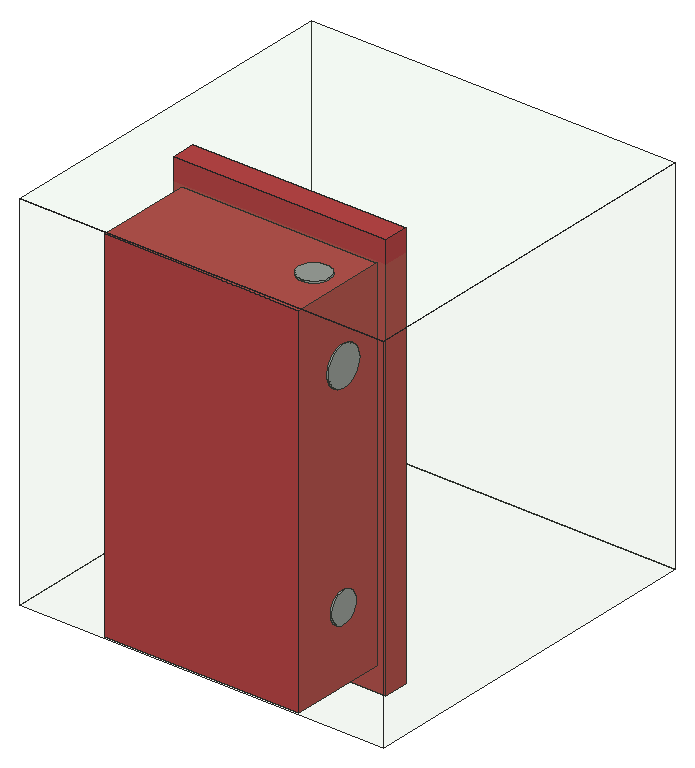
Revit family "ZETA_Коробка_Клемная_КЗНА_16_IP43", category Электрические приборы, Revit 2021
Family settings
  Сохранять ориентацию аннотаций = Нет
  Размер круглого соединителя = Использовать диаметр
  Тип детали = Нормальный
  На основе рабочей плоскости = Да
  Всегда вертикально = Нет
  При загрузке вырезать с полостями = Нет
  Общий = Нет
  Точка принадлежности помещению = Да
Parameters (values of type "КЗНА_16")
  УГО_Ширина = 10 mm
  УГО_Смещение_Х [instance] = 0 mm
  УГО_Смещение_Y [instance] = 0 mm
  УГО_Высота = 5 mm
  Температура эксплуатации = "от -40°С до +60°С"
  Сечение жил до = "4мм2"
  Сертификат = "RU C-RU.АД84.В.00192/20"
  Потолочное размещение [instance] = no
  Default Elevation = 1219.2 mm
  Описание = "Коробки клеммные с наборными зажимами КЗНА со ступенчатыми кабельными\r\nвводами ПВХ применяются для соединения и разветвления вторичных и силовых\r\nэлектрических цепей, выполняемых контрольными кабелями с числом жил до 52 и\r\nсиловыми кабелями с алюминиевыми или медными жилами сечением 1,5—4 мм2."
  Номинальный ток = "до 25A"
  Напряжение постоянного тока = "440 В"
  Напряжение переменного тока = "660 В"
  Крышка_Ширина = 160 mm
  Крышка_Длина = 190 mm
  Климатическое исполнение = "У3"
  Изготовитель = "АО «ЗЭТА»"  # constant formula
  Изготавливается по = "ТУ 27.33.13.120-047-99856433-2020"
  URL = "https://nzeta.ru/"
  D3 = 20 mm
  D2 = 32 mm
  D1 = 25 mm
  В_УГО_Смещение_У [instance] = УГО_Смещение_Y + 2000 mm  # 2000 mm
  В_УГО_Смещение_X [instance] = УГО_Смещение_Х + 2000 mm  # 2000 mm
  ADSK_Ток = 0 A
  ADSK_Степень защиты_IP = "IP43"
  ADSK_Размер_Ширина = 175 mm
  ADSK_Размер_УголПоворота [instance] = if(Потолочное размещение, -90.00°, 180.00°)  # 180.00°
  ADSK_Размер_Длина = 336 mm
  ADSK_Размер_Высота = 100 mm
  ADSK_Примечание [instance] = ""
  ADSK_Полная мощность = 0 VA
  ADSK_Позиция [instance] = ""
  ADSK_Обозначение = "KK"
  ADSK_Номинальная мощность = 0 W
  ADSK_Номер стояка = ""
  ADSK_Номер линии = 0
  ADSK_Напряжение = 230 V
  ADSK_Наименование краткое = "КЗНА-16"
  ADSK_Наименование = "Коробка с зажимами наборными КЗНА-16 У3 IP43 ГОФРОМАТИК"
  ADSK_Материал наименование = "Сталь оцинкованная"
  ADSK_Масса_Текст = "2,09"
  ADSK_Масса = 2.09
  ADSK_Марка = "КК КЗНА-16 У3 IP43"
  ADSK_Коэффициент мощности = 1
  ADSK_Количество фаз числовое = 1
  ADSK_Количество фаз = 1
  ADSK_Количество = 1
  ADSK_Код изделия = "zeta30332"
  ADSK_Классификация нагрузок = Прочее
  ADSK_Завод-изготовитель = "АО «ЗЭТА»"  # constant formula
  ADSK_Единица измерения = "шт"  # constant formula
  ADSK_Версия семейства = "v.1"  # constant formula
  ADSK_Версия Revit = "2021"
  ADSK_URL страницы изделия = "https://nzeta.ru/catalog/?q=zeta30332"
  ADSK_URL документации изделия = "https://nzeta.ru/upload/uf/81f/pgd895u30djnk8jid18z3ss63n7kommp/passport.pdf"
Types (2): name
  КЗНА_16
  КЗНА_16_IP43
Reference planes
  plane 1 "По центру (Вперед/Назад)": y = 0
  plane 2: z = 0
  plane 3 "По центру (Влево/Вправо)": x = 0
  plane 4: x = -2000
  plane 5: y = -2000
  plane 6: x = 0
  plane 7: y = 0
Lines and regions (mm)
  reference lines
    curve 1: line (0, 0, 0) -> (0, 0, -180)
    curve 2: line (0, 0, 0) -> (0, 140, 0)
Dimensions and locks
  "В_УГО_Смещение_X": plane 4 to plane 6
  "В_УГО_Смещение_У": plane 7 to plane 5
  angle curve 2 to curve 1 = 90.00°
  "ADSK_Размер_УголПоворота": angle plane 1 "По центру (Вперед/Назад)" to curve 1
  aligned and locked: level to plane 2
  aligned and locked: plane 6 to nested 1
  aligned and locked: nested 1 to plane 7
  aligned and locked: plane 2 to curve 2
  aligned and locked: plane 1 "По центру (Вперед/Назад)" to curve 1
  aligned and locked: nested 2 to curve 2
Nested families
  nested 1: "УГО_Клеменная_Коробка_(GenAnn)" at (0, 0, 0), УГО_Высота <- "УГО_Высота", УГО_Длина <- "УГО_Ширина", ADSK_Обозначение <- "ADSK_Обозначение", ADSK_Степень защиты_IP <- "ADSK_Степень защиты_IP", type "УГО_Клеменная_Коробка_(GenAnn)", detail levels coarse+medium
    with УГО_Длина 10 mm, УГО_Высота 5 mm, ADSK_Степень защиты_IP "IP43", ADSK_Обозначение "KK"
  nested 2: "ZETA_Коробка_Клемная_КЗНА_16_IP43_Геометрия" at (0, 0, 0) x (0, 0, -1) z (0, 1, 0), type "КЗНА_16", detail levels medium+fine
  nested 3: "Zeta_Зона обслуживания" at (0, 0, 0) x (-1, 0, 0) z (0, 0, -1), type "Зона обслуживания_Куб", detail levels medium+fine
    with Зона обслуживания_Ширина 300 mm, Зона обслуживания_Длина 300 mm, Зона обслуживания_Высота 300 mm
Connectors
  cabletrayconduit at (-81.999, 43.588, 88.893), diameter 25, driven by "D1"
    settings: on nested 2, index 2, connector width 300 mm, connector height 300 mm, connector angle 0.00°, system type 32, placement type 0, profile type 0, connector reference index -1, is primary connector yes, connector utility param no, connector description ""
  cabletrayconduit at (-81.999, 43.588, 0), diameter 25, driven by "D1"
    settings: on nested 2, index 3, connector width 300 mm, connector height 300 mm, connector angle 0.00°, system type 32, placement type 0, profile type 0, connector reference index -1, is primary connector no, connector utility param no, connector description ""
  cabletrayconduit at (-81.999, 43.588, -88.893), diameter 25, driven by "D1"
    settings: on nested 2, index 4, connector width 300 mm, connector height 300 mm, connector angle 0.00°, system type 32, placement type 0, profile type 0, connector reference index -1, is primary connector no, connector utility param no, connector description ""
  electrical at (0, 0, 0), driven by "ADSK_Количество фаз", driven by "ADSK_Классификация нагрузок", driven by "ADSK_Напряжение", driven by "ADSK_Полная мощность", driven by "ADSK_Коэффициент мощности"
    settings: on nested 2, index 5, voltage 230 V, apparent load 0 VA, apparent load phase1 0 VA, apparent load phase2 0 VA, apparent load phase3 0 VA, power factor 1, load classification "Прочее", number of poles 1, system type 30, power factor state 1, is connector primary yes, connector utility no, sub classification motor no, connector description ""
  cabletrayconduit at (81.928, 43.588, 89.057), diameter 32, driven by "D2"
    settings: on nested 2, index 7, connector width 300 mm, connector height 300 mm, connector angle 0.00°, system type 32, placement type 0, profile type 0, connector reference index -1, is primary connector no, connector utility param no, connector description ""
  cabletrayconduit at (81.928, 43.588, -89.057), diameter 25, driven by "D1"
    settings: on nested 2, index 8, connector width 300 mm, connector height 300 mm, connector angle 0.00°, system type 32, placement type 0, profile type 0, connector reference index -1, is primary connector no, connector utility param no, connector description ""
  cabletrayconduit at (-57.269, 43.588, -149.776), diameter 25, driven by "D1"
    settings: on nested 2, index 11, connector width 300 mm, connector height 300 mm, connector angle 0.00°, system type 32, placement type 0, profile type 0, connector reference index -1, is primary connector no, connector utility param no, connector description ""
  cabletrayconduit at (57.269, 43.588, 149.611), diameter 25, driven by "D1"
    settings: on nested 2, index 12, connector width 300 mm, connector height 300 mm, connector angle 0.00°, system type 32, placement type 0, profile type 0, connector reference index -1, is primary connector no, connector utility param no, connector description ""
Definition of nested family "ZETA_Коробка_Клемная_КЗНА_16_IP43_Геометрия"
  Parameters (values of type "КЗНА_16")
    Привязки_Штуцер = 177.786 mm
    Default Elevation = 1219.2 mm
    Основание_Ширина = ADSK_Размер_Ширина * 0.9142  # 159.985 mm
    Основание_Длина = ADSK_Размер_Длина * 0.8835  # 296.856 mm
    Manufacturer = "АО \"ЗЭТАРУС\""
    D3 = 20 mm
    D2 = 32 mm
    D1 = 25 mm
    ADSK_Размер_Ширина = 175 mm
    ADSK_Размер_Длина = 336 mm
    ADSK_Размер_Высота = 100 mm
  Reference planes
    plane 1 "По центру (Вперед/Назад)": y = 0
    plane 2: z = 0
    plane 3 "По центру (Влево/Вправо)": x = 0
    plane 4: x = -148.428
    plane 5: x = 148.428
    plane 6: y = -79.992
    plane 7: y = 79.993
    plane 8: x = -168
    plane 9: y = -87.5
    plane 10: x = 168
    plane 11: y = 87.5
    plane 12: z = 100
    plane 13: z = 79.822
    plane 14: y = -57.269
    plane 15: y = 57.269
    plane 16: z = 43.588
    plane 17: y = -81.999
    plane 18: y = 81.928
    plane 19: x = -88.893
    plane 20: x = 88.893
    plane 21: x = -89.057
    plane 22: x = 89.057
  Forms (mm)
    Extrusion 1, solid
      sketch origin (0, 0, 0) x (1, 0, 0) y (0, 1, 0)
        loop
          line (-148.428, 79.993) -> (-148.428, -79.992) -> (148.428, -79.992) -> (148.428, 79.993) -> (-148.428, 79.993)
      from 0 to 79.822
    Extrusion 2, solid
      sketch origin (0, 0, 0) x (1, 0, 0) y (0, 1, 0)
        loop
          line (-168, 87.5) -> (-168, -87.5) -> (168, -87.5) -> (168, 87.5) -> (-168, 87.5)
      from 100 to 79.822
    Extrusion 3, solid
      sketch origin (0, 0, 0) x (1, 0, 0) y (0, 0, 1)
        loop
          circle (-88.893, 43.588) r 12.5
      from 79.992 to 81.999
    Extrusion 4, solid
      sketch origin (43.5, 0, 0) x (1, 0, 0) y (0, 0, 1)
        loop
          circle (-43.5, 43.588) r 12.5
      from 81.999 to 79.992
    Extrusion 5, solid
      sketch origin (117, 0, 0) x (1, 0, 0) y (0, 0, 1)
        loop
          circle (-28.107, 43.588) r 12.5
      from 81.999 to 79.992
    Extrusion 6, solid
      sketch origin (26.528, 167.006, 14.478) x (1, 0, 0) y (0, 0, 1)
        loop
          circle (-115.585, 29.11) r 16
      from 85.079 to 87.014
    Extrusion 7, solid
      sketch origin (204.642, 167.006, 14.478) x (1, 0, 0) y (0, 0, 1)
        loop
          circle (-115.585, 29.11) r 12.5
      from 85.079 to 87.014
    Extrusion 8, solid
      sketch origin (-148.428, -79.992, 0) x (0, 1, 0) y (0, 0, -1)
        loop
          circle (137.261, -43.588) r 12.5
      from 0 to 1.183
    Extrusion 9, solid
      sketch origin (148.428, 79.993, 0) x (0, -1, 0) y (0, 0, -1)
        loop
          circle (137.261, -43.588) r 12.5
      from 0 to 1.348
  Dimensions and locks
    equal spacing: plane 4, plane 3 "По центру (Влево/Вправо)", plane 5
    equal spacing: plane 7, plane 1 "По центру (Вперед/Назад)", plane 6
    "Основание_Ширина": plane 7 to plane 6
    "Основание_Длина": plane 4 to plane 5
    equal spacing: plane 11, plane 1 "По центру (Вперед/Назад)", plane 9
    equal spacing: plane 8, plane 3 "По центру (Влево/Вправо)", plane 10
    "ADSK_Размер_Ширина": plane 11 to plane 9
    "ADSK_Размер_Длина": plane 8 to plane 10
    "ADSK_Размер_Высота": plane 12 to level
    locked: plane 6 to plane 17 at 2.006
    locked: plane 18 to plane 7 at 1.935
    equal spacing: plane 19, plane 3 "По центру (Влево/Вправо)", plane 20
    "Привязки_Штуцер": plane 19 to plane 20
    "D1": diameter of Extrusion 3 sketch curve
    "D1": diameter of Extrusion 4 sketch curve
    "D1": diameter of Extrusion 5 sketch curve
    "D2": diameter of Extrusion 6 sketch curve
    "D1": diameter of Extrusion 7 sketch curve
    "D1": diameter of Extrusion 8 sketch curve
    "D1": diameter of Extrusion 9 sketch curve
    aligned and locked: level to plane 2
    aligned and locked: Extrusion 1 sketch curve to plane 7
    aligned and locked: plane 4 to Extrusion 1 sketch curve
    aligned and locked: plane 6 to Extrusion 1 sketch curve
    aligned and locked: Extrusion 1 sketch curve to plane 5
    aligned and locked: Extrusion 2 sketch curve to plane 11
    aligned and locked: plane 8 to Extrusion 2 sketch curve
    aligned and locked: plane 9 to Extrusion 2 sketch curve
    aligned and locked: Extrusion 2 sketch curve to plane 10
    aligned and locked: Extrusion 2 to plane 13
    aligned and locked: Extrusion 1 to Extrusion 2
    aligned and locked: plane 16 to Extrusion 3 sketch curve
    aligned and locked: plane 6 to Extrusion 3
    aligned and locked: Extrusion 3 to plane 17
    aligned and locked: Extrusion 4 to Extrusion 1
    aligned and locked: Extrusion 4 to plane 17
    aligned and locked: Extrusion 5 to Extrusion 1
    aligned and locked: Extrusion 5 to plane 17
    aligned and locked: plane 19 to Extrusion 3 sketch curve
    aligned and locked: plane 20 to Extrusion 5 sketch curve
    aligned and locked: plane 16 to Extrusion 5 sketch curve
  Automatic sketch dimensions
    Extrusion 4 sketch curve to plane 3 "По центру (Влево/Вправо)" = 0 mm
    Extrusion 4 sketch curve to plane 16 = 0 mm
    Extrusion 6 sketch curve to plane 16 = 0 mm
    Extrusion 6 sketch curve to plane 21 = 0 mm
    Extrusion 7 sketch curve to plane 16 = 0 mm
    Extrusion 7 sketch curve to plane 22 = 0 mm
    Extrusion 1 to Extrusion 8 sketch curve = 22.724 mm
    Extrusion 1 to Extrusion 8 sketch curve = 36.234 mm
    Extrusion 1 to Extrusion 9 sketch curve = 22.724 mm
    Extrusion 1 to Extrusion 9 sketch curve = 36.234 mm
Definition of nested family "Zeta_Зона обслуживания"
  Parameters (values of type "Зона обслуживания_Куб")
    Default Elevation = 1219.2 mm
    Зона обслуживания_Ширина [instance] = 300 mm
    Зона обслуживания_Длина [instance] = 300 mm
    Зона обслуживания_Высота [instance] = 300 mm
  Reference planes
    plane 1 "По центру (Вперед/Назад)": y = 0
    plane 2: z = 0
    plane 3 "По центру (Влево/Вправо)": x = 0
    plane 4: x = -150
    plane 5: x = 150
    plane 6: y = 300
    plane 7: z = 150
    plane 8: z = -150
  Forms (mm)
    Extrusion 1, solid
      sketch origin (0, 0, 0) x (1, 0, 0) y (0, 1, 0)
        loop
          line (-150, 300) -> (-150, 0) -> (150, 0) -> (150, 300) -> (-150, 300)
      from -150 to 150
  Dimensions and locks
    equal spacing: plane 4, plane 3 "По центру (Влево/Вправо)", plane 5
    "Зона обслуживания_Ширина": plane 6 to plane 1 "По центру (Вперед/Назад)"
    "Зона обслуживания_Длина": plane 4 to plane 5
    equal spacing: plane 7, level, plane 8
    "Зона обслуживания_Высота": plane 7 to plane 8
    aligned and locked: level to plane 2
    aligned and locked: Extrusion 1 sketch curve to plane 6
    aligned and locked: plane 4 to Extrusion 1 sketch curve
    aligned and locked: Extrusion 1 sketch curve to plane 5
    aligned and locked: Extrusion 1 to plane 8
    aligned and locked: plane 7 to Extrusion 1
    aligned and locked: plane 1 "По центру (Вперед/Назад)" to Extrusion 1
  Automatic sketch dimensions
    plane 1 "По центру (Вперед/Назад)" to Extrusion 1 sketch curve = 0 mm
Definition of nested family "УГО_Клеменная_Коробка_(GenAnn)"
  Parameters (values of type "УГО_Клеменная_Коробка_(GenAnn)")
    УГО_Длина [instance] = 10 mm
    УГО_Высота [instance] = 5 mm
    ADSK_Степень защиты_IP [instance] = ""
    ADSK_Обозначение [instance] = ""
  Reference planes
    plane 1: y = 0
    plane 2: x = 0
  Lines and regions (mm)
    Filled region 1, type "Filled region 1"
      outline origin (0, 0, 0) x (1, 0, 0) y (0, 1, 0)
        loop
          line (-5, 2.5) -> (-5, -2.5) -> (5, -2.5) -> (5, 2.5) -> (-5, 2.5)
    reference lines
      curve 1: line (-5, 2.5, 0) -> (-5, -2.5, 0)
      curve 2: line (-5, -2.5, 0) -> (5, -2.5, 0)
      curve 3: line (5, 2.5, 0) -> (5, -2.5, 0)
      curve 4: line (-5, 2.5, 0) -> (5, 2.5, 0)
  Text (mm)
    label "KK IP 54" at (0.033, -0.03, 0), shows "ADSK_Обозначение", "ADSK_Степень защиты_IP"
  Dimensions and locks
    equal spacing: curve 1, plane 2, curve 3
    equal spacing: curve 2, plane 1, curve 4
    "УГО_Длина": curve 1 to curve 3
    "УГО_Высота": curve 2 to curve 4
    aligned and locked: Filled region 1 sketch curve to curve 4
    aligned and locked: Filled region 1 sketch curve to curve 1
    aligned and locked: Filled region 1 sketch curve to curve 2
    aligned and locked: Filled region 1 sketch curve to curve 3
